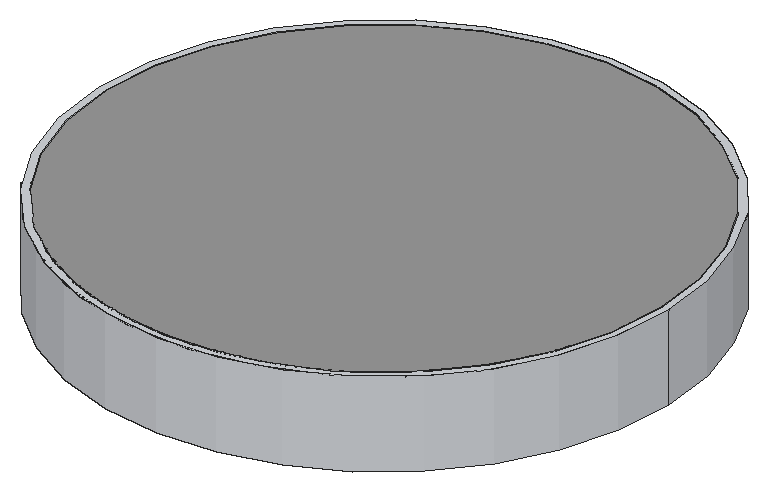
Revit family "2071118", category Lighting Fixtures, host Face, Revit 2018
Family settings
  Host = Face
  Round Connector Dimension = Use Diameter
  Part Type = Normal
  OmniClass Number = 23.80.70.00
  OmniClass Title = Lighting
  Cut with Voids When Loaded = No
  Light Source = Yes
  Shared = No
  Room Calculation Point = No
Parameters (values of type "2071118 COLOSSAL 400 840 PR DIR WHT DALI")
  iner diameter = 390 mm
  Weight = "n/a"
  Wattage Comments = ""
  Wattage = 30 W
  WarrantyStartDate [instance] = "n/a"
  WarrantyGuarantorParts = "n/a"
  WarrantyDurationUnit = "n/a"
  WarrantyDurationParts = ""
  WarrantyDescription = "http://www.sylvania-lighting.com"
  built-in parameter 1150110 = 1 (stored number, unit not read)
  Voltage = 230 V
  URL = "0.95"
  TypeName = "COLOSSAL 400mm 840 PRISM DIR WHITE DALI"
  Type Image = <None>
  Type Comments = "n/a"
  built-in parameter 1114217 = 1 (stored number, unit not read)
  Tilt Angle = -90.00°
  built-in parameter 1150109 = 1 (stored number, unit not read)
  built-in parameter 1150134 = (empty or 0)
  built-in parameter 1150113 = 1 (stored number, unit not read)
  SerialNumber [instance] = "n/a"
  Photometric Web File = "2071118.ies"
  Material_3_SYL = LED-Sylvania
  PowerFactor = 0
  PowerConsumption = "Lighting"
  NominalLength = 400 mm
  NominalHeight = 93 mm
  NominalDepth = 400 mm
  Name = "COLOSSAL 400mm 840 PRISM DIR WHITE DALI"
  ModelReference = Name  # "COLOSSAL 400mm 840 PRISM DIR WHITE DALI"
  ModelNumber = "2071118"
  Model = Name  # "COLOSSAL 400mm 840 PRISM DIR WHITE DALI"
  Material = "Feilo Sylvania"
  ManufacturerName = "121 lm/W"
  Manufacturer = ""
  LuminousEfficacy = ""
  built-in parameter 1150105 = 270.44 (stored number, unit not read)
  Lumens = 3398.4 lm
  LuminaireType = "0"
  built-in parameter 1150115 = 1 (stored number, unit not read)
  LightOutputRatio = "LED"
  built-in parameter 1150137 = (empty or 0)
  built-in parameter 1150139 = (empty or 0)
  LampsType = Lamp  # "n/a"
  LampNominalLuminous = "4000 K"
  LampMacAdamStep = "80"
  LampColourTemperature = "LED"
  LampColourRenderingIndex = "16500"
  built-in parameter 1150112 = 1 (stored number, unit not read)
  built-in parameter 1150114 = 1 (stored number, unit not read)
  Lamp = "n/a"
  Keynote = "n/a"
  InstallationDate [instance] = "n/a"
  InputVoltage = "0"
  InputNominalFrequency = "4000"
  built-in parameter 1150132 = (empty or 0)
  built-in parameter 1150102 = (empty or 0)
  built-in parameter 1150107 = 3000 (stored number, unit not read)
  built-in parameter 1150138 = (empty or 0)
  IngressProtection = "IfcLightFixtureType"
  ImpactProtectionIndex = "IfcLightFixtureType"
  built-in parameter 1150106 = 2.7044 (stored number, unit not read)
  IfcExportType = "IfcLightFixtureType"
  IfcExportAs = "Class I"
  Emit from Circle Diameter = 385 mm
  Emit Shape Visible in Rendering = no
  ElectricShockClassification = "121"
  built-in parameter 1150104 = 10.524 (stored number, unit not read)
  DocumentationLiterature = "http://www.sylvania-lighting.com/product/en-int/products/2071118"
  DimmingControlOptions = "n/a"
  Material_2_SYL = Polycarbonate_Sylvania_White
  Dimming Lamp Color Temperature Shift = <None>
  Description = "400mm diameter circular architectural luminaire, can be surface mounted or suspended. Powder coated aluminium housing (RAL9016) with PMMA prismatic diffuser. Direct light distribution, 1935lm luminuous flux, 16W system power, 121lm/W luminiaire efficacy. DALI dimmable. Colour rendering index Ra >80, 4000K Neutral White LED, chromaticity tolerance of 3-step MacAdam ellipse. IP40, IK03. 350mA drive current. UGR≤19. Electrical protection Class1, 220-240V. Reported lifetime 66k hours L90B10."
  Default Elevation = 1219.2 mm
  CreatedOn = "22/03/2022"
  CreatedBy = "@sylvania-lighting.com"
  Cost = 0
  Color Filter = 16777215
  built-in parameter 1114216 [instance] = (empty or 0)
  ClassificationValue = "EF_70_80"
  ClassificationName = "Uniclass2015"
  Material_1_SYL = Polycarbonate_Sylvania_Opal
  BarCode [instance] = "n/a"
  built-in parameter 1114218 = 1 (stored number, unit not read)
  built-in parameter 1150133 = 10 (stored number, unit not read)
  AssetType = "Fixed"
  AssetIdentifier [instance] = "n/a"
  Assembly Code = "D5020200"
  Apparent Load = 16 VA
  Material_4_SYL = none
Reference planes
  plane 1 "Center (Front/Back)": y = 0
  plane 2: z = 0
  plane 3 "Center (Left/Right)": x = 0
  plane 4: x = -200
  plane 5: x = 200
  plane 6: y = 200
  plane 7: y = -200
  plane 8: y = 236
  plane 9: y = -236
  plane 10: z = 93
  plane 11: y = 195
  plane 12: y = -195
  plane 13: y = 90.5
  plane 14: y = 144.5
  plane 15: through (52.25, 90.5, 1219.2) normal (0.866, 0.5, 0)
  plane 16: through (52.25, 90.5, 1219.2) normal (0.866, 0.5, 0)
  plane 17: through (63.706, 126.657, 1219.2) normal (0.866, 0.5, 0)
  plane 18: through (-104.5, 0, 1219.2) normal (-0.866, 0.5, 0)
  plane 19: through (-142.394, -9.633, 1219.2) normal (-0.866, 0.5, 0)
  plane 20: y = -90.5
  plane 21: y = -118.5
  plane 22: through (85.371, -141.133, 1219.2) normal (-0.866, 0.5, 0)
  plane 23: through (52.25, -90.5, 1219.2) normal (-0.866, 0.5, 0)
  plane 24: through (-161.658, 0, 1219.2) normal (0.866, 0.5, 0)
  plane 25: through (-172.12, 9.121, 1219.2) normal (0.866, 0.5, 0)
  plane 26: through (-104.5, 0, 1219.2) normal (0.866, 0.5, 0)
Forms (mm)
  Extrusion 1, solid, detail levels medium+fine
    sketch origin (0, 0, 0) x (1, 0, 0) y (0, 1, 0)
      loop
        circle (0, 0) r 200
    from 33.023 to 93
  Extrusion 2, void
    sketch origin (0, 0, 0) x (1, 0, 0) y (0, 1, 0)
      loop
        circle (0, 0) r 195
    from 93 to 37.292
  Extrusion 3, solid, material "Glass, White, High Luminance", detail levels fine
    sketch origin (0, 0, 0) x (1, 0, 0) y (0, 1, 0)
      loop
        circle (0, 0) r 195
    from 88.026 to 93
  Extrusion 4, solid, detail levels coarse
    sketch origin (0, 0, 0) x (1, 0, 0) y (0, 1, 0)
      loop
        line (-200, 200) -> (-200, -200) -> (200, -200) -> (200, 200) -> (-200, 200)
    from 0 to 93
  Blend 5, solid, detail levels medium+fine
    base sketch origin (0, 0, 0) x (1, 0, 0) y (0, 1, 0)
      loop
        line (-52.25, 90.5) -> (-104.5, 0) -> (-52.25, -90.5) -> (52.25, -90.5) -> (104.5, 0) -> (52.25, 90.5) -> (-52.25, 90.5)
    top sketch origin (0, 0, 0) x (1, 0, 0) y (0, 1, 0)
      loop
        line (-53.405, 144.5) -> (-149.245, -21.5) -> (-93.242, -118.5) -> (98.438, -118.5) -> (151.843, -26) -> (53.405, 144.5) -> (-53.405, 144.5)
    from 0 to 33.023
Cuts and joins
  Extrusion 2 cuts Extrusion 1
Dimensions and locks
  "NominalDepth": plane 6 to plane 7
  "NominalLength": plane 4 to plane 5
  equal spacing: plane 4, plane 3 "Center (Left/Right)", plane 5
  "iner diameter": plane 11 to plane 12
  equal spacing: plane 11, plane 1 "Center (Front/Back)", plane 12
  equal spacing: plane 6, plane 1 "Center (Front/Back)", plane 7
  "NominalHeight": plane 10 to level
  plane 19 to plane 18 = 28 mm
  radius of Extrusion 2 sketch curve = 195 mm
  aligned and locked: plane 2 to host face
  aligned and locked: level to host face
Automatic sketch dimensions
  host sketch curve to host sketch curve = 2438.4 mm  (x2)
  plane 1 "Center (Front/Back)" to Extrusion 1 sketch curve = 0 mm
  Extrusion 1 sketch curve to plane 3 "Center (Left/Right)" = 0 mm
  plane 1 "Center (Front/Back)" to Extrusion 2 sketch curve = 0 mm
  Extrusion 2 sketch curve to plane 3 "Center (Left/Right)" = 0 mm
  plane 1 "Center (Front/Back)" to Extrusion 3 sketch curve = 0 mm
  Extrusion 3 sketch curve to plane 3 "Center (Left/Right)" = 0 mm
  Extrusion 4 sketch curve to plane 4 = 0 mm
  Extrusion 4 sketch curve to plane 5 = 0 mm
  Extrusion 4 sketch curve to plane 7 = 0 mm
  Extrusion 4 sketch curve to plane 6 = 0 mm
  Blend 5 sketch curve to plane 19 = 0 mm  (x2)
  Blend 5 sketch curve to plane 24 = 0 mm  (x2)
  Blend 5 sketch curve to plane 21 = 0 mm
  Blend 5 sketch curve to plane 14 = 0 mm
  Blend 5 sketch curve to plane 17 = 0 mm  (x2)
  Blend 5 sketch curve to plane 22 = 0 mm  (x2)
  radius of Extrusion 1 sketch curve = 200 mm
  radius of Extrusion 3 sketch curve = 195 mm
Connectors
  electrical at (0, 0, 0), driven by "Apparent Load", driven by "PowerFactor", driven by "Voltage"
    settings: index 1, voltage 230 V, apparent load 16 VA, apparent load phase1 0 VA, apparent load phase2 0 VA, apparent load phase3 0 VA, power factor 0, load classification "Lighting", number of poles 1, system type 30, power factor state 1, is connector primary yes, connector utility no, sub classification motor no, connector description ""
